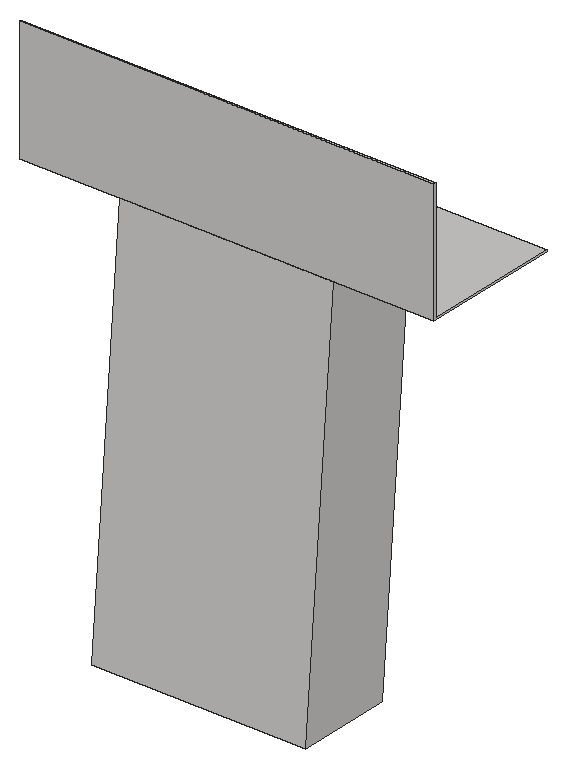
Revit family "Viking Roofspec Scupper 01 M16", category Pipe Fittings, host Face, Revit 2021
Family settings
  Host = Face
  Round Connector Dimension = Use Diameter
  Part Type = Cap
  Cut with Voids When Loaded = Yes
  Shared = No
Parameters (values of type "Scuppers - 207 x 88mm")
  URL = "www.vikingroofspec.co.nz"
  Type Comments = "Viking Roofspec 207x88x1.6mm stainless steel scupper IMT107, installed as per manufacturers instructions."
  Model = "IMT107"
  Material = Viking Roofspec - Stainless Steel
  Manufacturer = "Viking Roofspec"  # constant formula
  Leg Cut Offset = 0 mm
  Leg Length Specified [instance] = 389 mm
  Leg Cut Width = 207 mm
  Leg Cut Height = 91.1 mm
  Flange Cut Width = 400 mm
  Flange Cut Length = 119 mm
  Default Elevation = 0 mm
  Component = IMT107 : IMT107
Reference planes
  plane 1 "Center (Front/Back)": y = 0
  plane 2: z = 0
  plane 3 "Center (Left/Right)": x = 0
  plane 4 "Pipe Connector": z = -116.857
  plane 5: x = -103.5
  plane 6: x = 103.5
  plane 7: y = -1.6
  plane 8: y = 89.5
  plane 9: y = -1.6
Forms (mm)
  Extrusion 1, void
    sketch origin (0, 0, 0) x (0, 1, 0) y (0, 0, 1)
      loop
        line (89.5, 0) -> (-1.6, 0) -> (-35.633, -389) -> (55.467, -389) -> (89.5, 0)
    from -103.5 to 103.5
  Extrusion 2, void
    sketch origin (0, 0, 0) x (1, 0, 0) y (0, 0, 1)
      loop
        line (-200, 119) -> (-200, 0) -> (200, 0) -> (200, 119) -> (-200, 119)
    from 0 to 1.6
Lines and regions (mm)
  reference lines
    curve 1: line (0, 89.5, -389) -> (0, -1.6, -389)
Dimensions and locks
  locked: host face to plane 4 "Pipe Connector" at 116.857
  "Leg Length Specified": plane 2 to curve 1
  equal spacing: plane 5, plane 3 "Center (Left/Right)", plane 6
  "Leg Cut Width": plane 5 to plane 6
  "Leg Cut Offset": plane 9 to plane 7
  "Leg Cut Height": plane 7 to plane 8
  locked: plane 9 to plane 1 "Center (Front/Back)" at 1.6
  equal spacing: Extrusion 2 sketch curve, plane 3 "Center (Left/Right)", Extrusion 2 sketch curve
  "Flange Cut Width": Extrusion 2 sketch curve to Extrusion 2 sketch curve
  "Flange Cut Length": Extrusion 2 sketch curve to host face
  locked: Extrusion 1 sketch curve to level (angle 95.00°)  (x2)
  aligned and locked: plane 2 to host face
  aligned and locked: level to host face
  aligned and locked: level to Extrusion 1 sketch curve
  aligned and locked: plane 7 to Extrusion 1 sketch curve
  aligned and locked: plane 8 to Extrusion 1 sketch curve
  aligned and locked: Extrusion 1 sketch curve to level
  aligned and locked: curve 1 to Extrusion 1 sketch curve
  aligned and locked: plane 8 to curve 1
  aligned and locked: plane 7 to curve 1
  aligned and locked: Extrusion 2 to level
  aligned and locked: plane 6 to Extrusion 1
  aligned and locked: Extrusion 1 to plane 5
Automatic sketch dimensions
  host sketch curve to host sketch curve = 2438.4 mm  (x2)
  Extrusion 2 sketch curve to level = 0 mm
Nested families
  nested 1: "IMT107" at (0, -0.006, 0), Leg Length Specified <- "Leg Length Specified", Material <- "Material", type <- "Component", type "IMT107"
    with Real Leg Length 389 mm, Material Viking Roofspec - Stainless Steel, Leg Length Specified 389 mm
Definition of nested family "IMT107"
  Parameters (values of type "IMT107")
    Real Leg Length [instance] = if(Leg Length Specified < 100 mm, 100 mm, if(Leg Length Specified > 389 mm, 389 mm, Leg Length Specified))  # 389 mm
    Material [instance] = none
    Manufacturer = "Viking Roofspec"  # constant formula
    Leg Length Specified [instance] = 389 mm
    Default Elevation = 1219.2 mm
  Reference planes
    plane 1 "Center (Front/Back)": y = 0
    plane 2: z = 0
    plane 3 "Center (Left/Right)": x = 0
    plane 4: z = -389
  Forms (mm)
    Extrusion 1, solid, material <- "Material"
      sketch origin (0, 0.006, -0.006) x (0, 0, -1) y (0, 1, 0)
        loop
          line (-119.006, -1.6) -> (0, -1.6) -> (0, 133.994) -> (-1.6, 133.994) -> (-1.6, 0) -> (-119.006, 0) -> (-119.006, -1.6)
      from -200 to 200
    Extrusion 2, solid, material <- "Material"
      sketch origin (0, 0.006, -0.006) x (0, 0, -1) y (0, 1, 0)
        loop
          line (0, 89.466) -> (0, -1.606) -> (388.994, -35.639) -> (388.994, 55.434) -> (0, 89.466)
      from -103.5 to 103.5
    Extrusion 3, void
      sketch origin (0, 0.006, -0.006) x (0, 0, -1) y (0, 1, 0)
        loop
          line (388.994, -34.032) -> (388.994, 53.828) -> (-0.133, 87.872) -> (-9.861, 87.872) -> (-9.861, -0.012) -> (0.147, -0.012) -> (388.994, -34.032)
      from -101.9 to 101.9
  Cuts and joins
    Extrusion 3 cuts Extrusion 1
    Extrusion 3 cuts Extrusion 2
  Dimensions and locks
    "Real Leg Length": level to plane 4
    locked: plane 1 "Center (Front/Back)" to Extrusion 2 sketch curve at 89.472
    locked: plane 1 "Center (Front/Back)" to Extrusion 3 sketch curve at 87.878
    locked: Extrusion 2 sketch curve to level (angle 95.00°)
    locked: level to Extrusion 2 sketch curve (angle 85.00°)
    locked: Extrusion 3 sketch curve to level (angle 95.00°)
    locked: level to Extrusion 3 sketch curve (angle 85.00°)
    aligned and locked: level to plane 2
    aligned and locked: plane 4 to Extrusion 2
    aligned and locked: plane 4 to Extrusion 3 sketch curve
  Automatic sketch dimensions
    plane 1 "Center (Front/Back)" to Extrusion 1 sketch curve = 1.594 mm
    level to Extrusion 1 sketch curve = 1.594 mm
    Extrusion 1 sketch curve to level = 0.006 mm
    Extrusion 1 sketch curve to Extrusion 1 sketch curve = 1.6 mm
    Extrusion 3 sketch curve to level = 0.153 mm
    level to Extrusion 3 sketch curve = 0.127 mm
    level to Extrusion 3 sketch curve = 9.854 mm
    plane 1 "Center (Front/Back)" to Extrusion 3 sketch curve = 0.006 mm
    Extrusion 2 sketch curve to plane 4 = 0 mm
    Extrusion 2 sketch curve to level = 0.006 mm
    plane 1 "Center (Front/Back)" to Extrusion 2 sketch curve = 1.6 mm
    Extrusion 1 sketch curve to Extrusion 1 sketch curve = 117.406 mm
    Extrusion 1 sketch curve to plane 1 "Center (Front/Back)" = 134 mm
